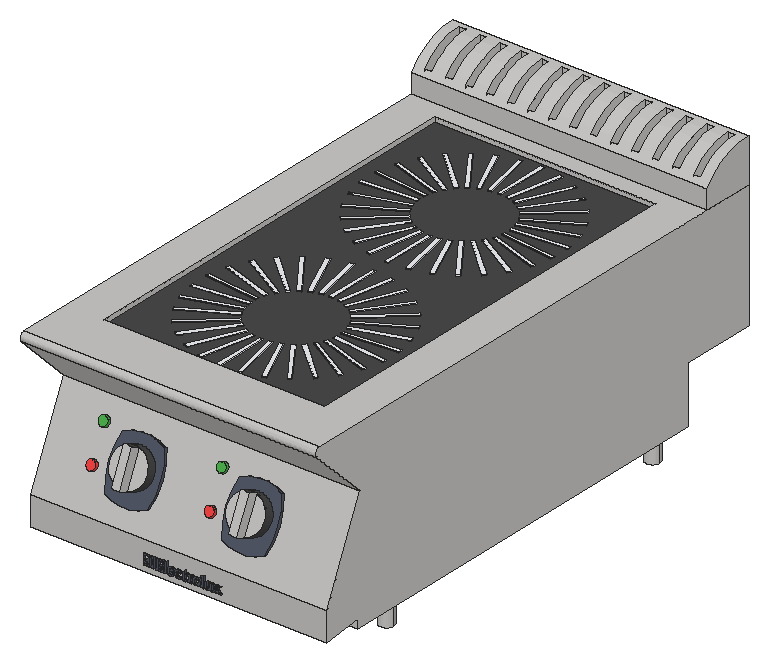
Revit family "QF_ELECTROLUXPROFESSIONAL_371131_E7INED200N", category Specialty Equipment, Revit 2018
Family settings
  Round Connector Dimension = Use Diameter
  Part Type = Normal
  Work Plane-Based = No
  Always vertical = Yes
  Cut with Voids When Loaded = No
  Shared = No
  Room Calculation Point = No
Parameters
  Width = 400 mm  # constant formula
  Weight in Pounds = 44  # constant formula
  Watts = 7000 VA  # 7000 W
  Volts = 230 V  # constant formula
  URL Cutsheet = "www.electrolux.com/foodservice"
  URL = "www.electrolux.com/foodservice"
  Type Mark [instance] = ""
  Status [instance] = ""
  Specification by User [instance] = ""
  Specification by Manufacturer = ""
  Show Logo [instance] = yes
  Show Clearance [instance] = yes
  Serial Number = ""
  Seismic Rating = ""
  SMACNA No = ""
  Revision Code [instance] = ""
  Phase = 3  # constant formula
  Omniclass Number and Title = ""
  Number of Poles [instance] = 1
  NAFEM Spec ID Number = ""
  Model = "371131"
  Min Ckt Ampacity = 0 A
  Max Overcurrent Protection = 0 A
  Masterspec = ""
  Manufacturer = "ELECTROLUX"
  Item Number [instance] = ""
  Installed By [instance] = ""
  Identify Quantity as Lot [instance] = yes
  Height = 332 mm  # constant formula
  HP = "9.4 HP"
  Furnished By [instance] = ""
  Foodservice Equipment Identifier [instance] = yes
  FL Amps = if(Phase = 3, Watts / (Volts * 1.73), Watts / Volts)  # 17.5924 A
  Electrical Remarks [instance] = "230 V/3 ph/50/60 Hz"  # constant formula
  Electric Connection Type [instance] = ""
  Elec Conn RI Height [instance] = 0 mm
  Elec Conn Connection Height [instance] = 0 mm
  Direct Waste Size = 0"
  Description = "700XP 2 Zone Hot Plate Electric Induction Cooking Top Range - 230V"
  Depth = 730 mm  # constant formula
  Cycle = if([60 Hertz Option], 60 Hz, 50 Hz)  # 60 Hz
  Conn Plug = ""
  Conn Conduit = yes
  CSI MasterFormat = ""
  CSI Master Format = ""
  Base Height [instance] = 24 mm  # constant formula
  Apparent Power = if(Phase = 3, Volts * FL Amps * 1.73, Volts * FL Amps)  # 7000 VA
  60 Hertz Option = not([50 Hertz Option])  # yes
  50 Hertz Option = no
Reference planes
  plane 1 "BACK": y = 0
  plane 2: z = 0
  plane 3 "LEFT": x = 0
  plane 4 "RIGHT": x = 400
  plane 5 "FRONT": y = -730
  plane 6 "TOP": z = 332
  plane 7 "Center Y": x = 200
  plane 8 "Center X": y = -365
  plane 9 "BASE": z = 24
  plane 10 "TOP A": z = 273.238
  plane 11: y = -597.884
  plane 12: y = -147.637
Forms (mm)
  Extrusion 1, solid, material "QF_Finishes_Stainless Steel"
    sketch origin (0, 0, 0) x (0, 1, 0) y (0, 0, 1)
      loop
        line (0, 273.237) -> (-725.027, 273.237)
        arc (-725.027, 273.237) -> (-730.893, 269.318) -> (-729.517, 262.397) r 6.35
        line (-729.517, 262.397) -> (-657.416, 190.047) -> (-713.522, 69.19) -> (-713.522, 31.09) -> (-660.4, 36.7) -> (-660.4, 24) -> (-101.6, 24) -> (-101.6, 101.788) -> (0, 101.788) -> (0, 273.237)
    from 0 to 400
  Extrusion 2, solid, material "QF_Finishes_Stainless Steel"
    sketch origin (0, 0, 0) x (0, 1, 0) y (0, 0, 1)
      loop
        line (0, 273.237) -> (0, 332)
        arc (0, 332) -> (-38.885, 323.609) -> (-69.85, 298.638) r 86.116
        line (-69.85, 298.638) -> (-69.85, 273.237) -> (0, 273.237)
    from 0 to 400
  Extrusion 3, void
    sketch origin (0, 0, 273.238) x (-1, 0, 0) y (0, -1, 0)
      loop
        line (-50, 93.262) -> (-50, 653.262) -> (-350, 653.262) -> (-350, 93.262) -> (-50, 93.262)
    from 0 to -6.35
  Extrusion 4, void
    sketch origin (0, 0, 273.238) x (-1, 0, 0) y (0, -1, 0)
      loop
        line (-13.453, 6.761) -> (-13.453, 63.911) -> (-22.749, 63.911) -> (-22.749, 6.761) -> (-13.453, 6.761)
    from 25.4 to 63.5
  Extrusion 5, void
    sketch origin (400.05, 0, 273.237) x (1, 0, 0) y (0, 1, 0)
      loop
        line (-13.503, -6.761) -> (-22.799, -6.761) -> (-22.799, -63.911) -> (-13.503, -63.911) -> (-13.503, -6.761)
    from 25.4 to 63.5
  Extrusion 6, void
    sketch origin (27.988, 0, 273.238) x (-1, 0, 0) y (0, -1, 0)
      loop
        line (-13.453, 6.761) -> (-13.453, 63.911) -> (-22.749, 63.911) -> (-22.749, 6.761) -> (-13.453, 6.761)
    from 25.4 to 63.5
  Extrusion 7, void
    sketch origin (55.977, 0, 273.238) x (-1, 0, 0) y (0, -1, 0)
      loop
        line (-13.453, 6.761) -> (-13.453, 63.911) -> (-22.749, 63.911) -> (-22.749, 6.761) -> (-13.453, 6.761)
    from 25.4 to 63.5
  Extrusion 8, void
    sketch origin (83.965, 0, 273.238) x (-1, 0, 0) y (0, -1, 0)
      loop
        line (-13.428, 6.761) -> (-13.428, 63.911) -> (-22.724, 63.911) -> (-22.724, 6.761) -> (-13.428, 6.761)
    from 25.4 to 63.5
  Extrusion 9, void
    sketch origin (111.953, 0, 273.238) x (-1, 0, 0) y (0, -1, 0)
      loop
        line (-13.428, 6.761) -> (-13.428, 63.911) -> (-22.724, 63.911) -> (-22.724, 6.761) -> (-13.428, 6.761)
    from 25.4 to 63.5
  Extrusion 10, void
    sketch origin (139.942, 0, 273.237) x (-1, 0, 0) y (0, -1, 0)
      loop
        line (-13.428, 6.761) -> (-13.428, 63.911) -> (-22.724, 63.911) -> (-22.724, 6.761) -> (-13.428, 6.761)
    from 25.4 to 63.5
  Extrusion 11, void
    sketch origin (167.93, 0, 273.237) x (-1, 0, 0) y (0, -1, 0)
      loop
        line (-13.428, 6.761) -> (-13.428, 63.911) -> (-22.724, 63.911) -> (-22.724, 6.761) -> (-13.428, 6.761)
    from 25.4 to 63.5
  Extrusion 12, void
    sketch origin (195.918, 0, 273.237) x (-1, 0, 0) y (0, -1, 0)
      loop
        line (-13.428, 6.761) -> (-13.428, 63.911) -> (-22.724, 63.911) -> (-22.724, 6.761) -> (-13.428, 6.761)
    from 25.4 to 63.5
  Extrusion 13, void
    sketch origin (223.907, 0, 273.237) x (-1, 0, 0) y (0, -1, 0)
      loop
        line (-13.428, 6.761) -> (-13.428, 63.911) -> (-22.724, 63.911) -> (-22.724, 6.761) -> (-13.428, 6.761)
    from 25.4 to 63.5
  Extrusion 14, void
    sketch origin (251.895, 0, 273.237) x (-1, 0, 0) y (0, -1, 0)
      loop
        line (-13.428, 6.761) -> (-13.428, 63.911) -> (-22.724, 63.911) -> (-22.724, 6.761) -> (-13.428, 6.761)
    from 25.4 to 63.5
  Extrusion 15, void
    sketch origin (279.884, 0, 273.237) x (-1, 0, 0) y (0, -1, 0)
      loop
        line (-13.403, 6.761) -> (-13.403, 63.911) -> (-22.699, 63.911) -> (-22.699, 6.761) -> (-13.403, 6.761)
    from 25.4 to 63.5
  Extrusion 16, void
    sketch origin (307.872, 0, 273.237) x (-1, 0, 0) y (0, -1, 0)
      loop
        line (-13.403, 6.761) -> (-13.403, 63.911) -> (-22.699, 63.911) -> (-22.699, 6.761) -> (-13.403, 6.761)
    from 25.4 to 63.5
  Extrusion 17, void
    sketch origin (335.86, 0, 273.237) x (-1, 0, 0) y (0, -1, 0)
      loop
        line (-13.403, 6.761) -> (-13.403, 63.911) -> (-22.699, 63.911) -> (-22.699, 6.761) -> (-13.403, 6.761)
    from 25.4 to 63.5
  Extrusion 18, solid, material "QF_Finishes_Stainless Steel"
    sketch origin (0, 0, 0) x (1, 0, 0) y (0, 1, 0)
      loop
        circle (11.112, -147.638) r 9.525
      loop
        circle (11.112, -597.884) r 9.525
      loop
        circle (388.887, -147.638) r 9.525
      loop
        circle (388.887, -597.884) r 9.525
    from 0 to 24
  Extrusion 19, solid, material "QF_Finishes_Navy Blue"
    sketch origin (-40.325, -713.522, 69.19) x (0, 0.421077, 0.907025) y (-1, 0, 0)
      loop
        arc (101.077, -132.565) -> (66.2, -125.548) -> (31.333, -132.61) r 89.894
        arc (31.333, -132.61) -> (24.638, -161.14) -> (31.333, -189.671) r 64.14
        arc (31.333, -189.671) -> (66.2, -196.736) -> (101.077, -189.715) r 89.853
        arc (101.077, -189.715) -> (107.792, -161.14) -> (101.077, -132.565) r 64.16
    from 0 to 3.175
  Extrusion 20, solid, material "QF_Finishes_Stainless Steel"
    sketch origin (-40.325, -716.402, 70.527) x (0, 0.421077, 0.907025) y (-1, 0, 0)
      loop
        circle (68.826, -160.963) r 25.4
    from 0 to 12.7
  Extrusion 21, solid, material "QF_Finishes_Stainless Steel"
    sketch origin (-40.325, -727.921, 75.875) x (0, 0.421077, 0.907025) y (-1, 0, 0)
      loop
        arc (93.558, -166.749) -> (94.226, -160.963) -> (93.558, -155.177) r 25.4
        line (93.558, -155.177) -> (44.094, -155.177)
        arc (44.094, -155.177) -> (43.426, -160.963) -> (44.094, -166.749) r 25.4
        line (44.094, -166.749) -> (93.558, -166.749)
    from 0 to 12.7
  Extrusion 22, solid, material "QF_Finishes_Green"
    sketch origin (-95, -709.311, 78.261) x (0, 0.421077, 0.907025) y (-1, 0, 0)
      loop
        circle (93.566, -160.648) r 6.35
    from 0 to 3.175
  Extrusion 23, solid, material "QF_Finishes_Red"
    sketch origin (-95, -719.312, 56.719) x (0, 0.421077, 0.907025) y (-1, 0, 0)
      loop
        circle (68.272, -160.648) r 6.4
    from 0 to 3.175
  Extrusion 24, solid, material "QF_Finishes_Stainless Steel"
    sketch origin (0, -101.6, 101.788) x (0, 0, -1) y (-1, 0, 0)
      loop
        circle (43.882, -336.5) r 12.7
    from 0 to 12.7
  Extrusion 25, solid, material "QF_Finishes_Clearance", visible <- "Show Clearance", detail levels coarse
    sketch origin (0, 0, 0) x (1, 0, 0) y (0, 1, 0)
      loop
        line (0, -731.377) -> (0, 0) -> (400, 0) -> (400, -731.377) -> (550.019, -731.377) -> (550.019, 150.019) -> (-150.019, 150.019) -> (-150.019, -731.377) -> (0, -731.377)
    from 0 to 332
  Extrusion 26, solid, material "QF_Finishes_Navy Blue", visible <- "Show Logo"
    sketch origin (-134.192, -713.772, 32.49) x (0, 0, 1) y (-1, 0, 0)
      loop
        line (20.674, -296.698) -> (8.307, -296.698)
        arc (8.307, -296.698) -> (14.491, -301.27) -> (20.674, -296.698) r 6.467
      loop
        arc (20.674, -296.069) -> (19.505, -290.926) -> (14.849, -288.448) r 6.338
        line (14.849, -288.448) -> (14.849, -290.494)
        arc (14.849, -290.494) -> (16.333, -294.149) -> (19.778, -296.069) r 5.941
        line (19.778, -296.069) -> (20.674, -296.069)
      loop
        arc (9.203, -296.069) -> (12.648, -294.149) -> (14.132, -290.494) r 5.941
        line (14.132, -290.494) -> (14.132, -288.448)
        arc (14.132, -288.448) -> (9.438, -290.922) -> (8.148, -296.069) r 6.504
        line (8.148, -296.069) -> (9.203, -296.069)
      loop
        line (21.349, -287.979) -> (7.604, -287.979) -> (7.604, -301.742) -> (21.349, -301.742) -> (21.349, -287.979)
      loop
        arc (21.432, -304.71) -> (21.085, -304.352) -> (20.718, -304.69) r 0.358
        arc (20.718, -304.69) -> (20.404, -305.44) -> (19.687, -305.825) r 1.216
        line (19.687, -305.825) -> (9.274, -305.825)
        arc (9.274, -305.825) -> (8.614, -305.548) -> (8.218, -304.951) r 1.238
        arc (8.218, -304.951) -> (7.823, -304.7) -> (7.518, -305.054) r 0.358
        line (7.518, -305.054) -> (7.518, -314.933) -> (10.269, -314.933) -> (10.269, -314.036)
        arc (10.269, -314.036) -> (9.36, -313.456) -> (8.904, -312.479) r 1.928
        line (8.904, -312.479) -> (8.904, -309.98)
        arc (8.904, -309.98) -> (9.18, -309.251) -> (9.868, -308.887) r 1.101
        line (9.868, -308.887) -> (13.955, -308.887) -> (13.955, -312.561)
        arc (13.955, -312.561) -> (13.602, -313.058) -> (13.037, -313.286) r 1.083
        arc (13.037, -313.286) -> (12.773, -313.591) -> (13.065, -313.869) r 0.292
        line (13.065, -313.869) -> (16.028, -313.869)
        arc (16.028, -313.869) -> (16.33, -313.596) -> (16.092, -313.266) r 0.305
        arc (16.092, -313.266) -> (15.601, -313.018) -> (15.296, -312.561) r 1.083
        line (15.296, -312.561) -> (15.296, -308.887) -> (19.973, -308.887) -> (19.973, -312.635)
        arc (19.973, -312.635) -> (19.759, -313.39) -> (19.153, -313.888) r 1.314
        arc (19.153, -313.888) -> (18.934, -314.292) -> (19.288, -314.585) r 0.361
        line (19.288, -314.585) -> (21.432, -314.585) -> (21.432, -304.71)
      loop
        arc (20.715, -315.365) -> (20.335, -316.284) -> (19.416, -316.664) r 1.299
        line (19.416, -316.664) -> (9.837, -316.664)
        arc (9.837, -316.664) -> (8.999, -316.286) -> (8.728, -315.408) r 1.118
        line (8.728, -315.408) -> (7.518, -315.408) -> (7.518, -320.758) -> (8.706, -320.758)
        arc (8.706, -320.758) -> (8.978, -319.841) -> (9.848, -319.445) r 1.153
        line (9.848, -319.445) -> (21.92, -319.445) -> (20.715, -315.365)
      loop
        line (12.483, -323.394) -> (12.483, -329.842) -> (13.282, -329.842)
        arc (13.282, -329.842) -> (15.862, -328.857) -> (17.131, -326.404) r 3.874
        line (17.131, -326.404) -> (17.131, -324.643)
        arc (17.131, -324.643) -> (15.944, -321.778) -> (13.08, -320.592) r 4.051
        line (13.08, -320.592) -> (11.072, -320.592)
        arc (11.072, -320.592) -> (8.253, -322.077) -> (7.202, -325.084) r 4.352
        arc (7.202, -325.084) -> (7.566, -327.547) -> (8.943, -329.621) r 5.713
        line (8.943, -329.621) -> (9.892, -329.621)
        arc (9.892, -329.621) -> (9.16, -328.052) -> (8.943, -326.334) r 5.579
        arc (8.943, -326.334) -> (9.737, -324.371) -> (11.616, -323.394) r 3.057
        line (11.616, -323.394) -> (12.483, -323.394)
      loop
        line (13.742, -323.394) -> (13.742, -326.977)
        arc (13.742, -326.977) -> (15.199, -327.024) -> (16.082, -325.864) r 1.59
        line (16.082, -325.864) -> (16.082, -325.034)
        arc (16.082, -325.034) -> (15.217, -323.779) -> (13.742, -323.394) r 2.184
      loop
        arc (16.533, -339.259) -> (17.022, -337.585) -> (17.179, -335.848) r 9.023
        line (17.179, -335.848) -> (17.179, -334.486)
        arc (17.179, -334.486) -> (16.02, -331.686) -> (13.22, -330.527) r 3.959
        line (13.22, -330.527) -> (10.62, -330.527)
        arc (10.62, -330.527) -> (8.338, -331.819) -> (7.221, -334.192) r 4.331
        line (7.221, -334.192) -> (7.221, -336.327)
        arc (7.221, -336.327) -> (7.729, -337.877) -> (8.651, -339.223) r 5.772
        arc (8.651, -339.223) -> (9.412, -339.274) -> (9.499, -338.515) r 0.553
        arc (9.499, -338.515) -> (9.111, -337.781) -> (8.977, -336.962) r 2.573
        line (8.977, -336.962) -> (8.977, -335.447)
        arc (8.977, -335.447) -> (9.983, -333.806) -> (11.798, -333.163) r 2.884
        line (11.798, -333.163) -> (13.077, -333.163)
        arc (13.077, -333.163) -> (14.898, -333.723) -> (15.824, -335.388) r 2.554
        line (15.824, -335.388) -> (15.824, -336.441)
        arc (15.824, -336.441) -> (15.493, -337.369) -> (14.836, -338.104) r 2.564
        arc (14.836, -338.104) -> (14.614, -338.821) -> (15.223, -339.259) r 0.643
        line (15.223, -339.259) -> (16.533, -339.259)
      loop
        line (15.515, -339.53) -> (15.515, -341.031) -> (9.467, -341.031)
        arc (9.467, -341.031) -> (7.879, -341.688) -> (7.221, -343.276) r 2.246
        line (7.221, -343.276) -> (7.221, -344.86)
        arc (7.221, -344.86) -> (7.535, -345.725) -> (8.035, -346.496) r 4.06
        arc (8.035, -346.496) -> (8.768, -346.629) -> (9.019, -345.928) r 0.576
        arc (9.019, -345.928) -> (8.913, -345.403) -> (8.977, -344.87) r 1.69
        arc (8.977, -344.87) -> (9.519, -344.082) -> (10.425, -343.779) r 1.506
        line (10.425, -343.779) -> (15.563, -343.779) -> (15.563, -346.176) -> (16.119, -346.733) -> (16.941, -346.733) -> (16.941, -343.873) -> (20.172, -343.873) -> (15.515, -339.53)
      loop
        line (7.438, -347.63) -> (7.438, -353.017) -> (8.548, -353.017)
        arc (8.548, -353.017) -> (8.942, -352.066) -> (9.893, -351.672) r 1.345
        line (9.893, -351.672) -> (13.509, -351.672)
        arc (13.509, -351.672) -> (14.274, -352.264) -> (14.564, -353.186) r 1.615
        line (14.564, -353.186) -> (14.564, -354.742) -> (17.119, -355.427) -> (17.119, -354.044) -> (15.177, -351.485) -> (17.057, -351.485) -> (16.773, -348.779)
        arc (16.773, -348.779) -> (16.333, -348.249) -> (15.674, -348.45) r 0.621
        arc (15.674, -348.45) -> (15.274, -348.792) -> (14.78, -348.975) r 1.501
        line (14.78, -348.975) -> (9.893, -348.975)
        arc (9.893, -348.975) -> (8.942, -348.581) -> (8.548, -347.63) r 1.345
        line (8.548, -347.63) -> (7.438, -347.63)
      loop
        line (13.54, -354.964) -> (10.848, -354.964)
        arc (10.848, -354.964) -> (8.403, -356.272) -> (7.269, -358.803) r 4.288
        arc (7.269, -358.803) -> (7.205, -360.183) -> (7.269, -361.563) r 15.022
        arc (7.269, -361.563) -> (8.403, -364.094) -> (10.848, -365.401) r 4.288
        line (10.848, -365.401) -> (13.54, -365.401)
        arc (13.54, -365.401) -> (15.986, -364.094) -> (17.119, -361.563) r 4.288
        arc (17.119, -361.563) -> (17.183, -360.183) -> (17.119, -358.803) r 15.022
        arc (17.119, -358.803) -> (15.986, -356.272) -> (13.54, -354.964) r 4.288
      loop
        line (13.745, -358.078) -> (10.643, -358.078)
        arc (10.643, -358.078) -> (8.486, -360.235) -> (10.643, -362.392) r 2.157
        line (10.643, -362.392) -> (13.745, -362.392)
        arc (13.745, -362.392) -> (15.902, -360.235) -> (13.745, -358.078) r 2.157
      loop
        arc (20.726, -365.26) -> (20.355, -366.154) -> (19.461, -366.524) r 1.264
        line (19.461, -366.524) -> (9.597, -366.524)
        arc (9.597, -366.524) -> (8.727, -366.127) -> (8.455, -365.211) r 1.153
        line (8.455, -365.211) -> (7.518, -365.211) -> (7.518, -370.319) -> (8.446, -370.319)
        arc (8.446, -370.319) -> (8.805, -369.547) -> (9.597, -369.232) r 1.153
        line (9.597, -369.232) -> (21.92, -369.232) -> (20.726, -365.26)
      loop
        arc (15.846, -369.857) -> (15.647, -370.921) -> (14.678, -371.403) r 1.215
        line (14.678, -371.403) -> (9.658, -371.403)
        arc (9.658, -371.403) -> (8.043, -372.051) -> (7.322, -373.634) r 2.338
        line (7.322, -373.634) -> (7.322, -375.148)
        arc (7.322, -375.148) -> (7.497, -376.152) -> (7.999, -377.038) r 2.979
        line (7.999, -377.038) -> (7.518, -378.835) -> (7.518, -380.524) -> (16.943, -380.524) -> (16.649, -376.32) -> (15.863, -376.32)
        arc (15.863, -376.32) -> (15.507, -377.156) -> (14.755, -377.665) r 1.605
        line (14.755, -377.665) -> (9.652, -377.665)
        arc (9.652, -377.665) -> (9.232, -376.728) -> (9.159, -375.704) r 2.94
        arc (9.159, -375.704) -> (9.72, -374.603) -> (10.873, -374.16) r 1.724
        line (10.873, -374.16) -> (17.07, -374.16) -> (15.846, -369.857)
      loop
        line (16.874, -381.377) -> (15.202, -383.423) -> (12.028, -385.729) -> (8.572, -382.617)
        arc (8.572, -382.617) -> (8.335, -382.223) -> (8.357, -381.764) r 0.789
        line (8.357, -381.764) -> (7.518, -381.764) -> (7.518, -385.309) -> (8.344, -385.309)
        arc (8.344, -385.309) -> (8.686, -384.947) -> (9.176, -385.039) r 0.52
        line (9.176, -385.039) -> (10.976, -386.51) -> (8.858, -387.886)
        arc (8.858, -387.886) -> (8.457, -387.576) -> (8.37, -387.076) r 0.7
        line (8.37, -387.076) -> (7.518, -387.076) -> (7.518, -393.003) -> (8.405, -393.003)
        arc (8.405, -393.003) -> (8.472, -392.344) -> (8.866, -391.813) r 1.247
        line (8.866, -391.813) -> (13.066, -388.532) -> (15.513, -390.585) -> (16.874, -392.327) -> (16.874, -388.604) -> (15.389, -389.026) -> (13.868, -387.749) -> (15.568, -386.559) -> (16.874, -387.336) -> (16.874, -381.377)
    from 0 to 1.644
  Extrusion 27, solid, material "QF_Finishes_White"
    sketch origin (0, 0, 266.887) x (-1, 0, 0) y (0, -1, 0)
      loop
        line (-196.926, 361.478) -> (-201.926, 361.478) -> (-201.926, 288.082) -> (-196.926, 288.082) -> (-196.926, 361.478)
    from 0 to 0.8
  Extrusion 28, solid, material "QF_Finishes_White"
    sketch origin (52.177, 36.558, 266.887) x (-0.978148, 0.207912, 0) y (-0.207912, -0.978148, 0)
      loop
        line (-196.926, 361.478) -> (-201.926, 361.478) -> (-201.926, 288.082) -> (-196.926, 288.082) -> (-196.926, 361.478)
    from 0 to 0.8
  Extrusion 29, solid, material "QF_Finishes_White"
    sketch origin (-43.436, -46.607, 266.887) x (-0.978148, -0.207912, 0) y (0.207912, -0.978148, 0)
      loop
        line (-196.926, 361.478) -> (-201.926, 361.478) -> (-201.926, 288.082) -> (-196.926, 288.082) -> (-196.926, 361.478)
    from 0 to 0.8
  Extrusion 30, solid, material "QF_Finishes_White"
    sketch origin (-76.233, -101.226, 266.887) x (-0.913545, -0.406737, 0) y (0.406737, -0.913545, 0)
      loop
        line (-196.926, 361.478) -> (-201.926, 361.478) -> (-201.926, 288.082) -> (-196.926, 288.082) -> (-196.926, 361.478)
    from 0 to 0.8
  Extrusion 31, solid, material "QF_Finishes_White"
    sketch origin (-96.957, -161.471, 266.887) x (-0.809017, -0.587785, 0) y (0.587785, -0.809017, 0)
      loop
        line (-196.926, 361.478) -> (-201.926, 361.478) -> (-201.926, 288.082) -> (-196.926, 288.082) -> (-196.926, 361.478)
    from 0 to 0.8
  Extrusion 32, solid, material "QF_Finishes_White"
    sketch origin (-104.703, -224.708, 266.887) x (-0.669131, -0.743145, 0) y (0.743145, -0.669131, 0)
      loop
        line (-196.926, 361.478) -> (-201.926, 361.478) -> (-201.926, 288.082) -> (-196.926, 288.082) -> (-196.926, 361.478)
    from 0 to 0.8
  Extrusion 33, solid, material "QF_Finishes_White"
    sketch origin (-99.132, -288.174, 266.887) x (-0.5, -0.866025, 0) y (0.866025, -0.5, 0)
      loop
        line (-196.926, 361.478) -> (-201.926, 361.478) -> (-201.926, 288.082) -> (-196.926, 288.082) -> (-196.926, 361.478)
    from 0 to 0.8
  Extrusion 34, solid, material "QF_Finishes_White"
    sketch origin (-80.487, -349.094, 266.887) x (-0.309017, -0.951057, 0) y (0.951057, -0.309017, 0)
      loop
        line (-196.926, 361.478) -> (-201.926, 361.478) -> (-201.926, 288.082) -> (-196.926, 288.082) -> (-196.926, 361.478)
    from 0 to 0.8
  Extrusion 35, solid, material "QF_Finishes_White"
    sketch origin (-49.583, -404.807, 266.887) x (-0.104528, -0.994522, 0) y (0.994522, -0.104528, 0)
      loop
        line (-196.926, 361.478) -> (-201.926, 361.478) -> (-201.926, 288.082) -> (-196.926, 288.082) -> (-196.926, 361.478)
    from 0 to 0.8
  Extrusion 36, solid, material "QF_Finishes_White"
    sketch origin (-7.772, -452.877, 266.887) x (0.104528, -0.994522, 0) y (0.994522, 0.104528, 0)
      loop
        line (-196.926, 361.478) -> (-201.926, 361.478) -> (-201.926, 288.082) -> (-196.926, 288.082) -> (-196.926, 361.478)
    from 0 to 0.8
  Extrusion 37, solid, material "QF_Finishes_White"
    sketch origin (43.12, -491.203, 266.887) x (0.309017, -0.951057, 0) y (0.951057, 0.309017, 0)
      loop
        line (-196.926, 361.478) -> (-201.926, 361.478) -> (-201.926, 288.082) -> (-196.926, 288.082) -> (-196.926, 361.478)
    from 0 to 0.8
  Extrusion 38, solid, material "QF_Finishes_White"
    sketch origin (100.868, -518.111, 266.887) x (0.5, -0.866025, 0) y (0.866025, 0.5, 0)
      loop
        line (-196.926, 361.478) -> (-201.926, 361.478) -> (-201.926, 288.082) -> (-196.926, 288.082) -> (-196.926, 361.478)
    from 0 to 0.8
  Extrusion 39, solid, material "QF_Finishes_White"
    sketch origin (162.949, -532.424, 266.887) x (0.669131, -0.743145, 0) y (0.743145, 0.669131, 0)
      loop
        line (-196.926, 361.478) -> (-201.926, 361.478) -> (-201.926, 288.082) -> (-196.926, 288.082) -> (-196.926, 361.478)
    from 0 to 0.8
  Extrusion 40, solid, material "QF_Finishes_White"
    sketch origin (226.65, -533.518, 266.887) x (0.809017, -0.587785, 0) y (0.587785, 0.809017, 0)
      loop
        line (-196.926, 361.478) -> (-201.926, 361.478) -> (-201.926, 288.082) -> (-196.926, 288.082) -> (-196.926, 361.478)
    from 0 to 0.8
  Extrusion 41, solid, material "QF_Finishes_White"
    sketch origin (289.185, -521.343, 266.887) x (0.913545, -0.406737, 0) y (0.406737, 0.913545, 0)
      loop
        line (-196.926, 361.478) -> (-201.926, 361.478) -> (-201.926, 288.082) -> (-196.926, 288.082) -> (-196.926, 361.478)
    from 0 to 0.8
  Extrusion 42, solid, material "QF_Finishes_White"
    sketch origin (347.823, -496.432, 266.887) x (0.978148, -0.207912, 0) y (0.207912, 0.978148, 0)
      loop
        line (-196.926, 361.478) -> (-201.926, 361.478) -> (-201.926, 288.082) -> (-196.926, 288.082) -> (-196.926, 361.478)
    from 0 to 0.8
  Extrusion 43, solid, material "QF_Finishes_White"
    sketch origin (400, -459.875, 266.887) x (1, 0, 0) y (0, 1, 0)
      loop
        line (-196.926, 361.478) -> (-201.926, 361.478) -> (-201.926, 288.082) -> (-196.926, 288.082) -> (-196.926, 361.478)
    from 0 to 0.8
  Extrusion 44, solid, material "QF_Finishes_White"
    sketch origin (443.436, -413.268, 266.887) x (0.978148, 0.207912, 0) y (-0.207912, 0.978148, 0)
      loop
        line (-196.926, 361.478) -> (-201.926, 361.478) -> (-201.926, 288.082) -> (-196.926, 288.082) -> (-196.926, 361.478)
    from 0 to 0.8
  Extrusion 45, solid, material "QF_Finishes_White"
    sketch origin (476.233, -358.648, 266.887) x (0.913545, 0.406737, 0) y (-0.406737, 0.913545, 0)
      loop
        line (-196.926, 361.478) -> (-201.926, 361.478) -> (-201.926, 288.082) -> (-196.926, 288.082) -> (-196.926, 361.478)
    from 0 to 0.8
  Extrusion 46, solid, material "QF_Finishes_White"
    sketch origin (496.957, -298.403, 266.887) x (0.809017, 0.587785, 0) y (-0.587785, 0.809017, 0)
      loop
        line (-196.926, 361.478) -> (-201.926, 361.478) -> (-201.926, 288.082) -> (-196.926, 288.082) -> (-196.926, 361.478)
    from 0 to 0.8
  Extrusion 47, solid, material "QF_Finishes_White"
    sketch origin (504.703, -235.166, 266.887) x (0.669131, 0.743145, 0) y (-0.743145, 0.669131, 0)
      loop
        line (-196.926, 361.478) -> (-201.926, 361.478) -> (-201.926, 288.082) -> (-196.926, 288.082) -> (-196.926, 361.478)
    from 0 to 0.8
  Extrusion 48, solid, material "QF_Finishes_White"
    sketch origin (499.132, -171.701, 266.887) x (0.5, 0.866025, 0) y (-0.866025, 0.5, 0)
      loop
        line (-196.926, 361.478) -> (-201.926, 361.478) -> (-201.926, 288.082) -> (-196.926, 288.082) -> (-196.926, 361.478)
    from 0 to 0.8
  Extrusion 49, solid, material "QF_Finishes_White"
    sketch origin (480.487, -110.781, 266.887) x (0.309017, 0.951057, 0) y (-0.951057, 0.309017, 0)
      loop
        line (-196.926, 361.478) -> (-201.926, 361.478) -> (-201.926, 288.082) -> (-196.926, 288.082) -> (-196.926, 361.478)
    from 0 to 0.8
  Extrusion 50, solid, material "QF_Finishes_White"
    sketch origin (449.583, -55.068, 266.887) x (0.104528, 0.994522, 0) y (-0.994522, 0.104528, 0)
      loop
        line (-196.926, 361.478) -> (-201.926, 361.478) -> (-201.926, 288.082) -> (-196.926, 288.082) -> (-196.926, 361.478)
    from 0 to 0.8
  Extrusion 51, solid, material "QF_Finishes_White"
    sketch origin (407.772, -6.998, 266.887) x (-0.104528, 0.994522, 0) y (-0.994522, -0.104528, 0)
      loop
        line (-196.926, 361.478) -> (-201.926, 361.478) -> (-201.926, 288.082) -> (-196.926, 288.082) -> (-196.926, 361.478)
    from 0 to 0.8
  Extrusion 52, solid, material "QF_Finishes_White"
    sketch origin (356.88, 31.329, 266.887) x (-0.309017, 0.951057, 0) y (-0.951057, -0.309017, 0)
      loop
        line (-196.926, 361.478) -> (-201.926, 361.478) -> (-201.926, 288.082) -> (-196.926, 288.082) -> (-196.926, 361.478)
    from 0 to 0.8
  Extrusion 53, solid, material "QF_Finishes_White"
    sketch origin (299.132, 58.236, 266.887) x (-0.5, 0.866025, 0) y (-0.866025, -0.5, 0)
      loop
        line (-196.926, 361.478) -> (-201.926, 361.478) -> (-201.926, 288.082) -> (-196.926, 288.082) -> (-196.926, 361.478)
    from 0 to 0.8
  Extrusion 54, solid, material "QF_Finishes_White"
    sketch origin (237.051, 72.55, 266.887) x (-0.669131, 0.743145, 0) y (-0.743145, -0.669131, 0)
      loop
        line (-196.926, 361.478) -> (-201.926, 361.478) -> (-201.926, 288.082) -> (-196.926, 288.082) -> (-196.926, 361.478)
    from 0 to 0.8
  Extrusion 55, solid, material "QF_Finishes_White"
    sketch origin (173.35, 73.643, 266.887) x (-0.809017, 0.587785, 0) y (-0.587785, -0.809017, 0)
      loop
        line (-196.926, 361.478) -> (-201.926, 361.478) -> (-201.926, 288.082) -> (-196.926, 288.082) -> (-196.926, 361.478)
    from 0 to 0.8
  Extrusion 56, solid, material "QF_Finishes_White"
    sketch origin (110.815, 61.468, 266.887) x (-0.913545, 0.406737, 0) y (-0.406737, -0.913545, 0)
      loop
        line (-196.926, 361.478) -> (-201.926, 361.478) -> (-201.926, 288.082) -> (-196.926, 288.082) -> (-196.926, 361.478)
    from 0 to 0.8
  Extrusion 57, solid, material "QF_Finishes_White"
    sketch origin (0, -285, 266.887) x (-1, 0, 0) y (0, -1, 0)
      loop
        line (-196.926, 361.478) -> (-201.926, 361.478) -> (-201.926, 288.082) -> (-196.926, 288.082) -> (-196.926, 361.478)
    from 0 to 0.8
  Extrusion 58, solid, material "QF_Finishes_White"
    sketch origin (52.177, -248.442, 266.887) x (-0.978148, 0.207912, 0) y (-0.207912, -0.978148, 0)
      loop
        line (-196.926, 361.478) -> (-201.926, 361.478) -> (-201.926, 288.082) -> (-196.926, 288.082) -> (-196.926, 361.478)
    from 0 to 0.8
  Extrusion 59, solid, material "QF_Finishes_White"
    sketch origin (-43.436, -331.607, 266.887) x (-0.978148, -0.207912, 0) y (0.207912, -0.978148, 0)
      loop
        line (-196.926, 361.478) -> (-201.926, 361.478) -> (-201.926, 288.082) -> (-196.926, 288.082) -> (-196.926, 361.478)
    from 0 to 0.8
  Extrusion 60, solid, material "QF_Finishes_White"
    sketch origin (-76.233, -386.226, 266.887) x (-0.913545, -0.406737, 0) y (0.406737, -0.913545, 0)
      loop
        line (-196.926, 361.478) -> (-201.926, 361.478) -> (-201.926, 288.082) -> (-196.926, 288.082) -> (-196.926, 361.478)
    from 0 to 0.8
  Extrusion 61, solid, material "QF_Finishes_White"
    sketch origin (-96.957, -446.471, 266.887) x (-0.809017, -0.587785, 0) y (0.587785, -0.809017, 0)
      loop
        line (-196.926, 361.478) -> (-201.926, 361.478) -> (-201.926, 288.082) -> (-196.926, 288.082) -> (-196.926, 361.478)
    from 0 to 0.8
  Extrusion 62, solid, material "QF_Finishes_White"
    sketch origin (-104.703, -509.708, 266.887) x (-0.669131, -0.743145, 0) y (0.743145, -0.669131, 0)
      loop
        line (-196.926, 361.478) -> (-201.926, 361.478) -> (-201.926, 288.082) -> (-196.926, 288.082) -> (-196.926, 361.478)
    from 0 to 0.8
  Extrusion 63, solid, material "QF_Finishes_White"
    sketch origin (-99.132, -573.174, 266.887) x (-0.5, -0.866025, 0) y (0.866025, -0.5, 0)
      loop
        line (-196.926, 361.478) -> (-201.926, 361.478) -> (-201.926, 288.082) -> (-196.926, 288.082) -> (-196.926, 361.478)
    from 0 to 0.8
  Extrusion 64, solid, material "QF_Finishes_White"
    sketch origin (-80.487, -634.094, 266.887) x (-0.309017, -0.951057, 0) y (0.951057, -0.309017, 0)
      loop
        line (-196.926, 361.478) -> (-201.926, 361.478) -> (-201.926, 288.082) -> (-196.926, 288.082) -> (-196.926, 361.478)
    from 0 to 0.8
  Extrusion 65, solid, material "QF_Finishes_White"
    sketch origin (-49.583, -689.807, 266.887) x (-0.104528, -0.994522, 0) y (0.994522, -0.104528, 0)
      loop
        line (-196.926, 361.478) -> (-201.926, 361.478) -> (-201.926, 288.082) -> (-196.926, 288.082) -> (-196.926, 361.478)
    from 0 to 0.8
  Extrusion 66, solid, material "QF_Finishes_White"
    sketch origin (-7.772, -737.877, 266.887) x (0.104528, -0.994522, 0) y (0.994522, 0.104528, 0)
      loop
        line (-196.926, 361.478) -> (-201.926, 361.478) -> (-201.926, 288.082) -> (-196.926, 288.082) -> (-196.926, 361.478)
    from 0 to 0.8
  Extrusion 67, solid, material "QF_Finishes_White"
    sketch origin (43.12, -776.203, 266.887) x (0.309017, -0.951057, 0) y (0.951057, 0.309017, 0)
      loop
        line (-196.926, 361.478) -> (-201.926, 361.478) -> (-201.926, 288.082) -> (-196.926, 288.082) -> (-196.926, 361.478)
    from 0 to 0.8
  Extrusion 68, solid, material "QF_Finishes_White"
    sketch origin (100.868, -803.111, 266.887) x (0.5, -0.866025, 0) y (0.866025, 0.5, 0)
      loop
        line (-196.926, 361.478) -> (-201.926, 361.478) -> (-201.926, 288.082) -> (-196.926, 288.082) -> (-196.926, 361.478)
    from 0 to 0.8
  Extrusion 69, solid, material "QF_Finishes_White"
    sketch origin (162.949, -817.424, 266.887) x (0.669131, -0.743145, 0) y (0.743145, 0.669131, 0)
      loop
        line (-196.926, 361.478) -> (-201.926, 361.478) -> (-201.926, 288.082) -> (-196.926, 288.082) -> (-196.926, 361.478)
    from 0 to 0.8
  Extrusion 70, solid, material "QF_Finishes_White"
    sketch origin (226.65, -818.518, 266.887) x (0.809017, -0.587785, 0) y (0.587785, 0.809017, 0)
      loop
        line (-196.926, 361.478) -> (-201.926, 361.478) -> (-201.926, 288.082) -> (-196.926, 288.082) -> (-196.926, 361.478)
    from 0 to 0.8
  Extrusion 71, solid, material "QF_Finishes_White"
    sketch origin (289.185, -806.343, 266.887) x (0.913545, -0.406737, 0) y (0.406737, 0.913545, 0)
      loop
        line (-196.926, 361.478) -> (-201.926, 361.478) -> (-201.926, 288.082) -> (-196.926, 288.082) -> (-196.926, 361.478)
    from 0 to 0.8
  Extrusion 72, solid, material "QF_Finishes_White"
    sketch origin (347.823, -781.432, 266.887) x (0.978148, -0.207912, 0) y (0.207912, 0.978148, 0)
      loop
        line (-196.926, 361.478) -> (-201.926, 361.478) -> (-201.926, 288.082) -> (-196.926, 288.082) -> (-196.926, 361.478)
    from 0 to 0.8
  Extrusion 73, solid, material "QF_Finishes_White"
    sketch origin (400, -744.875, 266.887) x (1, 0, 0) y (0, 1, 0)
      loop
        line (-196.926, 361.478) -> (-201.926, 361.478) -> (-201.926, 288.082) -> (-196.926, 288.082) -> (-196.926, 361.478)
    from 0 to 0.8
  Extrusion 74, solid, material "QF_Finishes_White"
    sketch origin (443.436, -698.268, 266.887) x (0.978148, 0.207912, 0) y (-0.207912, 0.978148, 0)
      loop
        line (-196.926, 361.478) -> (-201.926, 361.478) -> (-201.926, 288.082) -> (-196.926, 288.082) -> (-196.926, 361.478)
    from 0 to 0.8
  Extrusion 75, solid, material "QF_Finishes_White"
    sketch origin (476.233, -643.648, 266.887) x (0.913545, 0.406737, 0) y (-0.406737, 0.913545, 0)
      loop
        line (-196.926, 361.478) -> (-201.926, 361.478) -> (-201.926, 288.082) -> (-196.926, 288.082) -> (-196.926, 361.478)
    from 0 to 0.8
  Extrusion 76, solid, material "QF_Finishes_White"
    sketch origin (496.957, -583.403, 266.887) x (0.809017, 0.587785, 0) y (-0.587785, 0.809017, 0)
      loop
        line (-196.926, 361.478) -> (-201.926, 361.478) -> (-201.926, 288.082) -> (-196.926, 288.082) -> (-196.926, 361.478)
    from 0 to 0.8
  Extrusion 77, solid, material "QF_Finishes_White"
    sketch origin (504.703, -520.166, 266.887) x (0.669131, 0.743145, 0) y (-0.743145, 0.669131, 0)
      loop
        line (-196.926, 361.478) -> (-201.926, 361.478) -> (-201.926, 288.082) -> (-196.926, 288.082) -> (-196.926, 361.478)
    from 0 to 0.8
  Extrusion 78, solid, material "QF_Finishes_White"
    sketch origin (499.132, -456.701, 266.887) x (0.5, 0.866025, 0) y (-0.866025, 0.5, 0)
      loop
        line (-196.926, 361.478) -> (-201.926, 361.478) -> (-201.926, 288.082) -> (-196.926, 288.082) -> (-196.926, 361.478)
    from 0 to 0.8
  Extrusion 79, solid, material "QF_Finishes_White"
    sketch origin (480.487, -395.781, 266.887) x (0.309017, 0.951057, 0) y (-0.951057, 0.309017, 0)
      loop
        line (-196.926, 361.478) -> (-201.926, 361.478) -> (-201.926, 288.082) -> (-196.926, 288.082) -> (-196.926, 361.478)
    from 0 to 0.8
  Extrusion 80, solid, material "QF_Finishes_White"
    sketch origin (449.583, -340.068, 266.887) x (0.104528, 0.994522, 0) y (-0.994522, 0.104528, 0)
      loop
        line (-196.926, 361.478) -> (-201.926, 361.478) -> (-201.926, 288.082) -> (-196.926, 288.082) -> (-196.926, 361.478)
    from 0 to 0.8
  Extrusion 81, solid, material "QF_Finishes_White"
    sketch origin (407.772, -291.998, 266.887) x (-0.104528, 0.994522, 0) y (-0.994522, -0.104528, 0)
      loop
        line (-196.926, 361.478) -> (-201.926, 361.478) -> (-201.926, 288.082) -> (-196.926, 288.082) -> (-196.926, 361.478)
    from 0 to 0.8
  Extrusion 82, solid, material "QF_Finishes_White"
    sketch origin (356.88, -253.671, 266.887) x (-0.309017, 0.951057, 0) y (-0.951057, -0.309017, 0)
      loop
        line (-196.926, 361.478) -> (-201.926, 361.478) -> (-201.926, 288.082) -> (-196.926, 288.082) -> (-196.926, 361.478)
    from 0 to 0.8
  Extrusion 83, solid, material "QF_Finishes_White"
    sketch origin (299.132, -226.764, 266.887) x (-0.5, 0.866025, 0) y (-0.866025, -0.5, 0)
      loop
        line (-196.926, 361.478) -> (-201.926, 361.478) -> (-201.926, 288.082) -> (-196.926, 288.082) -> (-196.926, 361.478)
    from 0 to 0.8
  Extrusion 84, solid, material "QF_Finishes_White"
    sketch origin (237.051, -212.45, 266.887) x (-0.669131, 0.743145, 0) y (-0.743145, -0.669131, 0)
      loop
        line (-196.926, 361.478) -> (-201.926, 361.478) -> (-201.926, 288.082) -> (-196.926, 288.082) -> (-196.926, 361.478)
    from 0 to 0.8
  Extrusion 85, solid, material "QF_Finishes_White"
    sketch origin (173.35, -211.357, 266.887) x (-0.809017, 0.587785, 0) y (-0.587785, -0.809017, 0)
      loop
        line (-196.926, 361.478) -> (-201.926, 361.478) -> (-201.926, 288.082) -> (-196.926, 288.082) -> (-196.926, 361.478)
    from 0 to 0.8
  Extrusion 86, solid, material "QF_Finishes_White"
    sketch origin (110.815, -223.532, 266.887) x (-0.913545, 0.406737, 0) y (-0.406737, -0.913545, 0)
      loop
        line (-196.926, 361.478) -> (-201.926, 361.478) -> (-201.926, 288.082) -> (-196.926, 288.082) -> (-196.926, 361.478)
    from 0 to 0.8
  Extrusion 87, solid, material "QF_Finishes_Navy Blue"
    sketch origin (440.325, -713.522, 69.19) x (0, 0.421077, 0.907025) y (-1, 0, 0)
      loop
        arc (101.077, 132.565) -> (107.792, 161.14) -> (101.077, 189.715) r 64.16
        arc (101.077, 189.715) -> (66.2, 196.736) -> (31.333, 189.671) r 89.853
        arc (31.333, 189.671) -> (24.638, 161.14) -> (31.333, 132.61) r 64.14
        arc (31.333, 132.61) -> (66.2, 125.548) -> (101.077, 132.565) r 89.894
    from 0 to 3.175
  Extrusion 88, solid, material "QF_Finishes_Stainless Steel"
    sketch origin (440.325, -716.402, 70.527) x (0, 0.421077, 0.907025) y (-1, 0, 0)
      loop
        circle (68.826, 160.963) r 25.4
    from 0 to 12.7
  Extrusion 89, solid, material "QF_Finishes_Stainless Steel"
    sketch origin (440.325, -727.921, 75.875) x (0, 0.421077, 0.907025) y (-1, 0, 0)
      loop
        line (93.558, 166.749) -> (44.094, 166.749)
        arc (44.094, 166.749) -> (43.426, 160.963) -> (44.094, 155.177) r 25.4
        line (44.094, 155.177) -> (93.558, 155.177)
        arc (93.558, 155.177) -> (94.226, 160.963) -> (93.558, 166.749) r 25.4
    from 0 to 12.7
  Extrusion 90, solid, material "QF_Finishes_Green"
    sketch origin (65, -709.311, 78.261) x (0, 0.421077, 0.907025) y (-1, 0, 0)
      loop
        circle (93.566, -160.648) r 6.35
    from 0 to 3.175
  Extrusion 91, solid, material "QF_Finishes_Red"
    sketch origin (65, -719.312, 56.719) x (0, 0.421077, 0.907025) y (-1, 0, 0)
      loop
        circle (68.272, -160.648) r 6.4
    from 0 to 3.175
Cuts and joins
  Extrusion 3, Extrusion 4 cuts Extrusion 1
  Extrusion 4, Extrusion 5, Extrusion 6, Extrusion 7, Extrusion 8, Extrusion 9, Extrusion 10, Extrusion 11, Extrusion 12, Extrusion 13, Extrusion 14, Extrusion 15, Extrusion 16, Extrusion 17 cuts Extrusion 2
  joined: Extrusion 20, Extrusion 21
Lines and regions (mm)
  symbolic lines, style "QF-Clearances", visible <- "Show Clearance", detail levels coarse
    curve 1: line (-150.019, 150.019, 273.238) -> (-150.019, -731.377, 273.238)
    curve 2: line (550.019, 150.019, 273.237) -> (-150.019, 150.019, 273.238)
    curve 3: line (550.019, -731.377, 273.237) -> (550.019, 150.019, 273.237)
  symbolic lines
    curve 4: line (0, 0, 273.238) -> (400, 0, 273.237)
    curve 5: line (0, -730, 273.238) -> (0, 0, 273.238)
    curve 6: line (400, 0, 273.237) -> (400, -730, 273.237)
    curve 7: line (22.724, -6.761, 273.238) -> (22.724, -63.911, 273.238)
    curve 8: line (22.724, -63.911, 273.238) -> (13.428, -63.911, 273.238)
    curve 9: line (13.428, -63.911, 273.238) -> (13.428, -6.761, 273.238)
    curve 10: line (13.428, -6.761, 273.238) -> (22.724, -6.761, 273.238)
    curve 11: line (386.547, -6.761, 273.237) -> (386.547, -63.911, 273.237)
    curve 12: line (386.547, -63.911, 273.237) -> (377.251, -63.911, 273.237)
    curve 13: line (377.251, -63.911, 273.237) -> (377.251, -6.761, 273.237)
    curve 14: line (377.251, -6.761, 273.237) -> (386.547, -6.761, 273.237)
    curve 15: line (50.712, -6.761, 273.238) -> (50.712, -63.911, 273.238)
    curve 16: line (50.712, -63.911, 273.238) -> (41.416, -63.911, 273.238)
    curve 17: line (41.416, -63.911, 273.238) -> (41.416, -6.761, 273.238)
    curve 18: line (41.416, -6.761, 273.238) -> (50.712, -6.761, 273.238)
    curve 19: line (78.7, -6.761, 273.238) -> (78.7, -63.911, 273.238)
    curve 20: line (78.7, -63.911, 273.238) -> (69.405, -63.911, 273.238)
    curve 21: line (69.405, -63.911, 273.238) -> (69.405, -6.761, 273.238)
    curve 22: line (69.405, -6.761, 273.238) -> (78.7, -6.761, 273.238)
    curve 23: line (106.689, -6.761, 273.238) -> (106.689, -63.911, 273.238)
    curve 24: line (106.689, -63.911, 273.238) -> (97.393, -63.911, 273.238)
    curve 25: line (97.393, -63.911, 273.238) -> (97.393, -6.761, 273.238)
    curve 26: line (97.393, -6.761, 273.238) -> (106.689, -6.761, 273.238)
    curve 27: line (134.677, -6.761, 273.237) -> (134.677, -63.911, 273.237)
    curve 28: line (134.677, -63.911, 273.237) -> (125.381, -63.911, 273.237)
    curve 29: line (125.381, -63.911, 273.237) -> (125.381, -6.761, 273.237)
    curve 30: line (125.381, -6.761, 273.237) -> (134.677, -6.761, 273.237)
    curve 31: line (162.665, -6.761, 273.237) -> (162.665, -63.911, 273.237)
    curve 32: line (162.665, -63.911, 273.237) -> (153.37, -63.911, 273.237)
    curve 33: line (153.37, -63.911, 273.237) -> (153.37, -6.761, 273.237)
    curve 34: line (153.37, -6.761, 273.237) -> (162.665, -6.761, 273.237)
    curve 35: line (190.654, -6.761, 273.237) -> (190.654, -63.911, 273.237)
    curve 36: line (190.654, -63.911, 273.237) -> (181.358, -63.911, 273.237)
    curve 37: line (181.358, -63.911, 273.237) -> (181.358, -6.761, 273.237)
    curve 38: line (181.358, -6.761, 273.237) -> (190.654, -6.761, 273.237)
    curve 39: line (218.642, -6.761, 273.237) -> (218.642, -63.911, 273.237)
    curve 40: line (218.642, -63.911, 273.237) -> (209.346, -63.911, 273.237)
    curve 41: line (209.346, -63.911, 273.237) -> (209.346, -6.761, 273.237)
    curve 42: line (209.346, -6.761, 273.237) -> (218.642, -6.761, 273.237)
    curve 43: line (246.605, -6.761, 273.237) -> (246.605, -63.911, 273.237)
    curve 44: line (246.605, -63.911, 273.237) -> (237.31, -63.911, 273.237)
    curve 45: line (237.31, -63.911, 273.237) -> (237.31, -6.761, 273.237)
    curve 46: line (237.31, -6.761, 273.237) -> (246.605, -6.761, 273.237)
    curve 47: line (274.594, -6.761, 273.237) -> (274.594, -63.911, 273.237)
    curve 48: line (274.594, -63.911, 273.237) -> (265.298, -63.911, 273.237)
    curve 49: line (265.298, -63.911, 273.237) -> (265.298, -6.761, 273.237)
    curve 50: line (265.298, -6.761, 273.237) -> (274.594, -6.761, 273.237)
    curve 51: line (302.582, -6.761, 273.237) -> (302.582, -63.911, 273.237)
    curve 52: line (302.582, -63.911, 273.237) -> (293.286, -63.911, 273.237)
    curve 53: line (293.286, -63.911, 273.237) -> (293.286, -6.761, 273.237)
    curve 54: line (293.286, -6.761, 273.237) -> (302.582, -6.761, 273.237)
    curve 55: line (330.57, -6.761, 273.237) -> (330.57, -63.911, 273.237)
    curve 56: line (330.57, -63.911, 273.237) -> (321.275, -63.911, 273.237)
    curve 57: line (321.275, -63.911, 273.237) -> (321.275, -6.761, 273.237)
    curve 58: line (321.275, -6.761, 273.237) -> (330.57, -6.761, 273.237)
    curve 59: line (358.559, -6.761, 273.237) -> (358.559, -63.911, 273.237)
    curve 60: line (358.559, -63.911, 273.237) -> (349.263, -63.911, 273.237)
    curve 61: line (349.263, -63.911, 273.237) -> (349.263, -6.761, 273.237)
    curve 62: line (349.263, -6.761, 273.237) -> (358.559, -6.761, 273.237)
    curve 63: line (31.725, -69.85, 273.238) -> (0, -69.85, 273.238)
    curve 64: line (0, -69.85, 273.238) -> (0, -120.65, 273.238)
    curve 65: line (0, -69.85, 273.238) -> (400, -69.85, 273.237)
    curve 66: line (400, -730, 273.237) -> (0, -730, 273.238)
    curve 67: line (326.512, -356.903, 266.887) -> (338.006, -356.903, 266.887)
    curve 68: line (326.512, -389.159, 266.887) -> (326.512, -356.903, 266.887)
    curve 69: line (338.006, -389.159, 266.887) -> (326.512, -389.159, 266.887)
    curve 70: line (338.006, -356.903, 266.887) -> (338.006, -389.159, 266.887)
    curve 71: line (50, -653.262, 266.888) -> (50, -93.262, 266.888)
    curve 72: line (50, -93.262, 266.888) -> (350, -93.262, 266.887)
    curve 73: line (350, -93.262, 266.887) -> (350, -653.262, 266.887)
    curve 74: line (350, -653.262, 266.887) -> (50, -653.262, 266.888)
    curve 75: line (201.926, -361.478, 266.887) -> (201.926, -288.082, 266.887)
    curve 76: line (201.926, -288.082, 266.887) -> (196.926, -288.082, 266.887)
    curve 77: line (196.926, -288.082, 266.887) -> (196.926, -361.478, 266.887)
    curve 78: line (196.926, -361.478, 266.887) -> (201.926, -361.478, 266.887)
    curve 79: line (174.535, -359.004, 266.887) -> (189.794, -287.212, 266.887)
    curve 80: line (189.794, -287.212, 266.887) -> (184.904, -286.172, 266.887)
    curve 81: line (184.904, -286.172, 266.887) -> (169.644, -357.964, 266.887)
    curve 82: line (169.644, -357.964, 266.887) -> (174.535, -359.004, 266.887)
    curve 83: line (229.232, -358.203, 266.887) -> (213.972, -286.411, 266.887)
    curve 84: line (213.972, -286.411, 266.887) -> (209.082, -287.451, 266.887)
    curve 85: line (209.082, -287.451, 266.887) -> (224.342, -359.243, 266.887)
    curve 86: line (224.342, -359.243, 266.887) -> (229.232, -358.203, 266.887)
    curve 87: line (255.262, -349.323, 266.887) -> (225.409, -282.272, 266.887)
    curve 88: line (225.409, -282.272, 266.887) -> (220.841, -284.306, 266.887)
    curve 89: line (220.841, -284.306, 266.887) -> (250.694, -351.356, 266.887)
    curve 90: line (250.694, -351.356, 266.887) -> (255.262, -349.323, 266.887)
    curve 91: line (278.876, -335.224, 266.887) -> (235.735, -275.846, 266.887)
    curve 92: line (235.735, -275.846, 266.887) -> (231.689, -278.785, 266.887)
    curve 93: line (231.689, -278.785, 266.887) -> (274.83, -338.163, 266.887)
    curve 94: line (274.83, -338.163, 266.887) -> (278.876, -335.224, 266.887)
    curve 95: line (299.042, -316.524, 266.887) -> (244.499, -267.413, 266.887)
    curve 96: line (244.499, -267.413, 266.887) -> (241.153, -271.129, 266.887)
    curve 97: line (241.153, -271.129, 266.887) -> (295.697, -320.24, 266.887)
    curve 98: line (295.697, -320.24, 266.887) -> (299.042, -316.524, 266.887)
    curve 99: line (314.88, -294.04, 266.887) -> (251.318, -257.342, 266.887)
    curve 100: line (251.318, -257.342, 266.887) -> (248.818, -261.672, 266.887)
    curve 101: line (248.818, -261.672, 266.887) -> (312.38, -298.37, 266.887)
    curve 102: line (312.38, -298.37, 266.887) -> (314.88, -294.04, 266.887)
    curve 103: line (325.698, -268.754, 266.887) -> (255.894, -246.074, 266.887)
    curve 104: line (255.894, -246.074, 266.887) -> (254.349, -250.829, 266.887)
    curve 105: line (254.349, -250.829, 266.887) -> (324.153, -273.51, 266.887)
    curve 106: line (324.153, -273.51, 266.887) -> (325.698, -268.754, 266.887)
    curve 107: line (331.021, -241.772, 266.887) -> (258.028, -234.1, 266.887)
    curve 108: line (258.028, -234.1, 266.887) -> (257.505, -239.073, 266.887)
    curve 109: line (257.505, -239.073, 266.887) -> (330.499, -246.745, 266.887)
    curve 110: line (330.499, -246.745, 266.887) -> (331.021, -241.772, 266.887)
    curve 111: line (330.619, -214.273, 266.887) -> (257.625, -221.945, 266.887)
    curve 112: line (257.625, -221.945, 266.887) -> (258.148, -226.917, 266.887)
    curve 113: line (258.148, -226.917, 266.887) -> (331.142, -219.245, 266.887)
    curve 114: line (331.142, -219.245, 266.887) -> (330.619, -214.273, 266.887)
    curve 115: line (324.508, -187.458, 266.887) -> (254.704, -210.138, 266.887)
    curve 116: line (254.704, -210.138, 266.887) -> (256.249, -214.894, 266.887)
    curve 117: line (256.249, -214.894, 266.887) -> (326.053, -192.213, 266.887)
    curve 118: line (326.053, -192.213, 266.887) -> (324.508, -187.458, 266.887)
    curve 119: line (312.955, -162.499, 266.887) -> (249.392, -199.197, 266.887)
    curve 120: line (249.392, -199.197, 266.887) -> (251.892, -203.527, 266.887)
    curve 121: line (251.892, -203.527, 266.887) -> (315.455, -166.829, 266.887)
    curve 122: line (315.455, -166.829, 266.887) -> (312.955, -162.499, 266.887)
    curve 123: line (296.465, -140.488, 266.887) -> (241.922, -189.6, 266.887)
    curve 124: line (241.922, -189.6, 266.887) -> (245.267, -193.316, 266.887)
    curve 125: line (245.267, -193.316, 266.887) -> (299.811, -144.204, 266.887)
    curve 126: line (299.811, -144.204, 266.887) -> (296.465, -140.488, 266.887)
    curve 127: line (275.76, -122.387, 266.887) -> (232.619, -181.765, 266.887)
    curve 128: line (232.619, -181.765, 266.887) -> (236.664, -184.704, 266.887)
    curve 129: line (236.664, -184.704, 266.887) -> (279.805, -125.326, 266.887)
    curve 130: line (279.805, -125.326, 266.887) -> (275.76, -122.387, 266.887)
    curve 131: line (251.743, -108.986, 266.887) -> (221.891, -176.036, 266.887)
    curve 132: line (221.891, -176.036, 266.887) -> (226.458, -178.07, 266.887)
    curve 133: line (226.458, -178.07, 266.887) -> (256.311, -111.019, 266.887)
    curve 134: line (256.311, -111.019, 266.887) -> (251.743, -108.986, 266.887)
    curve 135: line (225.465, -100.871, 266.887) -> (210.206, -172.663, 266.887)
    curve 136: line (210.206, -172.663, 266.887) -> (215.096, -173.702, 266.887)
    curve 137: line (215.096, -173.702, 266.887) -> (230.356, -101.91, 266.887)
    curve 138: line (230.356, -101.91, 266.887) -> (225.465, -100.871, 266.887)
    curve 139: line (198.074, -98.397, 266.887) -> (198.074, -171.792, 266.887)
    curve 140: line (198.074, -171.792, 266.887) -> (203.074, -171.792, 266.887)
    curve 141: line (203.074, -171.792, 266.887) -> (203.074, -98.397, 266.887)
    curve 142: line (203.074, -98.397, 266.887) -> (198.074, -98.397, 266.887)
    curve 143: line (170.768, -101.671, 266.887) -> (186.028, -173.463, 266.887)
    curve 144: line (186.028, -173.463, 266.887) -> (190.918, -172.424, 266.887)
    curve 145: line (190.918, -172.424, 266.887) -> (175.658, -100.632, 266.887)
    curve 146: line (175.658, -100.632, 266.887) -> (170.768, -101.671, 266.887)
    curve 147: line (144.738, -110.552, 266.887) -> (174.591, -177.602, 266.887)
    curve 148: line (174.591, -177.602, 266.887) -> (179.159, -175.569, 266.887)
    curve 149: line (179.159, -175.569, 266.887) -> (149.306, -108.518, 266.887)
    curve 150: line (149.306, -108.518, 266.887) -> (144.738, -110.552, 266.887)
    curve 151: line (121.124, -124.65, 266.887) -> (164.265, -184.029, 266.887)
    curve 152: line (164.265, -184.029, 266.887) -> (168.311, -181.09, 266.887)
    curve 153: line (168.311, -181.09, 266.887) -> (125.17, -121.711, 266.887)
    curve 154: line (125.17, -121.711, 266.887) -> (121.124, -124.65, 266.887)
    curve 155: line (100.958, -143.35, 266.887) -> (155.501, -192.462, 266.887)
    curve 156: line (155.501, -192.462, 266.887) -> (158.847, -188.746, 266.887)
    curve 157: line (158.847, -188.746, 266.887) -> (104.303, -139.635, 266.887)
    curve 158: line (104.303, -139.635, 266.887) -> (100.958, -143.35, 266.887)
    curve 159: line (85.12, -165.834, 266.887) -> (148.682, -202.532, 266.887)
    curve 160: line (148.682, -202.532, 266.887) -> (151.182, -198.202, 266.887)
    curve 161: line (151.182, -198.202, 266.887) -> (87.62, -161.504, 266.887)
    curve 162: line (87.62, -161.504, 266.887) -> (85.12, -165.834, 266.887)
    curve 163: line (74.302, -191.12, 266.887) -> (144.106, -213.801, 266.887)
    curve 164: line (144.106, -213.801, 266.887) -> (145.651, -209.046, 266.887)
    curve 165: line (145.651, -209.046, 266.887) -> (75.847, -186.365, 266.887)
    curve 166: line (75.847, -186.365, 266.887) -> (74.302, -191.12, 266.887)
    curve 167: line (68.979, -218.103, 266.887) -> (141.972, -225.775, 266.887)
    curve 168: line (141.972, -225.775, 266.887) -> (142.495, -220.802, 266.887)
    curve 169: line (142.495, -220.802, 266.887) -> (69.501, -213.13, 266.887)
    curve 170: line (69.501, -213.13, 266.887) -> (68.979, -218.103, 266.887)
    curve 171: line (69.381, -245.602, 266.887) -> (142.375, -237.93, 266.887)
    curve 172: line (142.375, -237.93, 266.887) -> (141.852, -232.958, 266.887)
    curve 173: line (141.852, -232.958, 266.887) -> (68.858, -240.629, 266.887)
    curve 174: line (68.858, -240.629, 266.887) -> (69.381, -245.602, 266.887)
    curve 175: line (75.492, -272.417, 266.887) -> (145.296, -249.736, 266.887)
    curve 176: line (145.296, -249.736, 266.887) -> (143.751, -244.981, 266.887)
    curve 177: line (143.751, -244.981, 266.887) -> (73.947, -267.662, 266.887)
    curve 178: line (73.947, -267.662, 266.887) -> (75.492, -272.417, 266.887)
    curve 179: line (87.045, -297.375, 266.887) -> (150.608, -260.677, 266.887)
    curve 180: line (150.608, -260.677, 266.887) -> (148.108, -256.347, 266.887)
    curve 181: line (148.108, -256.347, 266.887) -> (84.545, -293.045, 266.887)
    curve 182: line (84.545, -293.045, 266.887) -> (87.045, -297.375, 266.887)
    curve 183: line (103.535, -319.386, 266.887) -> (158.078, -270.275, 266.887)
    curve 184: line (158.078, -270.275, 266.887) -> (154.733, -266.559, 266.887)
    curve 185: line (154.733, -266.559, 266.887) -> (100.189, -315.671, 266.887)
    curve 186: line (100.189, -315.671, 266.887) -> (103.535, -319.386, 266.887)
    curve 187: line (124.24, -337.488, 266.887) -> (167.381, -278.109, 266.887)
    curve 188: line (167.381, -278.109, 266.887) -> (163.336, -275.17, 266.887)
    curve 189: line (163.336, -275.17, 266.887) -> (120.195, -334.549, 266.887)
    curve 190: line (120.195, -334.549, 266.887) -> (124.24, -337.488, 266.887)
    curve 191: line (148.257, -350.889, 266.887) -> (178.109, -283.839, 266.887)
    curve 192: line (178.109, -283.839, 266.887) -> (173.542, -281.805, 266.887)
    curve 193: line (173.542, -281.805, 266.887) -> (143.689, -348.855, 266.887)
    curve 194: line (143.689, -348.855, 266.887) -> (148.257, -350.889, 266.887)
    curve 195: line (201.926, -646.478, 266.887) -> (201.926, -573.082, 266.887)
    curve 196: line (201.926, -573.082, 266.887) -> (196.926, -573.082, 266.887)
    curve 197: line (196.926, -573.082, 266.887) -> (196.926, -646.478, 266.887)
    curve 198: line (196.926, -646.478, 266.887) -> (201.926, -646.478, 266.887)
    curve 199: line (174.535, -644.004, 266.887) -> (189.794, -572.212, 266.887)
    curve 200: line (189.794, -572.212, 266.887) -> (184.904, -571.172, 266.887)
    curve 201: line (184.904, -571.172, 266.887) -> (169.644, -642.964, 266.887)
    curve 202: line (169.644, -642.964, 266.887) -> (174.535, -644.004, 266.887)
    curve 203: line (229.232, -643.203, 266.887) -> (213.972, -571.411, 266.887)
    curve 204: line (213.972, -571.411, 266.887) -> (209.082, -572.451, 266.887)
    curve 205: line (209.082, -572.451, 266.887) -> (224.342, -644.243, 266.887)
    curve 206: line (224.342, -644.243, 266.887) -> (229.232, -643.203, 266.887)
    curve 207: line (255.262, -634.323, 266.887) -> (225.409, -567.272, 266.887)
    curve 208: line (225.409, -567.272, 266.887) -> (220.841, -569.306, 266.887)
    curve 209: line (220.841, -569.306, 266.887) -> (250.694, -636.356, 266.887)
    curve 210: line (250.694, -636.356, 266.887) -> (255.262, -634.323, 266.887)
    curve 211: line (278.876, -620.224, 266.887) -> (235.735, -560.846, 266.887)
    curve 212: line (235.735, -560.846, 266.887) -> (231.689, -563.785, 266.887)
    curve 213: line (231.689, -563.785, 266.887) -> (274.83, -623.163, 266.887)
    curve 214: line (274.83, -623.163, 266.887) -> (278.876, -620.224, 266.887)
    curve 215: line (299.042, -601.524, 266.887) -> (244.499, -552.413, 266.887)
    curve 216: line (244.499, -552.413, 266.887) -> (241.153, -556.129, 266.887)
    curve 217: line (241.153, -556.129, 266.887) -> (295.697, -605.24, 266.887)
    curve 218: line (295.697, -605.24, 266.887) -> (299.042, -601.524, 266.887)
    curve 219: line (314.88, -579.04, 266.887) -> (251.318, -542.342, 266.887)
    curve 220: line (251.318, -542.342, 266.887) -> (248.818, -546.672, 266.887)
    curve 221: line (248.818, -546.672, 266.887) -> (312.38, -583.37, 266.887)
    curve 222: line (312.38, -583.37, 266.887) -> (314.88, -579.04, 266.887)
    curve 223: line (325.698, -553.754, 266.887) -> (255.894, -531.074, 266.887)
    curve 224: line (255.894, -531.074, 266.887) -> (254.349, -535.829, 266.887)
    curve 225: line (254.349, -535.829, 266.887) -> (324.153, -558.51, 266.887)
    curve 226: line (324.153, -558.51, 266.887) -> (325.698, -553.754, 266.887)
    curve 227: line (331.021, -526.772, 266.887) -> (258.028, -519.1, 266.887)
    curve 228: line (258.028, -519.1, 266.887) -> (257.505, -524.073, 266.887)
    curve 229: line (257.505, -524.073, 266.887) -> (330.499, -531.745, 266.887)
    curve 230: line (330.499, -531.745, 266.887) -> (331.021, -526.772, 266.887)
    curve 231: line (330.619, -499.273, 266.887) -> (257.625, -506.945, 266.887)
    curve 232: line (257.625, -506.945, 266.887) -> (258.148, -511.917, 266.887)
    curve 233: line (258.148, -511.917, 266.887) -> (331.142, -504.245, 266.887)
    curve 234: line (331.142, -504.245, 266.887) -> (330.619, -499.273, 266.887)
    curve 235: line (324.508, -472.458, 266.887) -> (254.704, -495.138, 266.887)
    curve 236: line (254.704, -495.138, 266.887) -> (256.249, -499.894, 266.887)
    curve 237: line (256.249, -499.894, 266.887) -> (326.053, -477.213, 266.887)
    curve 238: line (326.053, -477.213, 266.887) -> (324.508, -472.458, 266.887)
    curve 239: line (312.955, -447.499, 266.887) -> (249.392, -484.197, 266.887)
    curve 240: line (249.392, -484.197, 266.887) -> (251.892, -488.527, 266.887)
    curve 241: line (251.892, -488.527, 266.887) -> (315.455, -451.829, 266.887)
